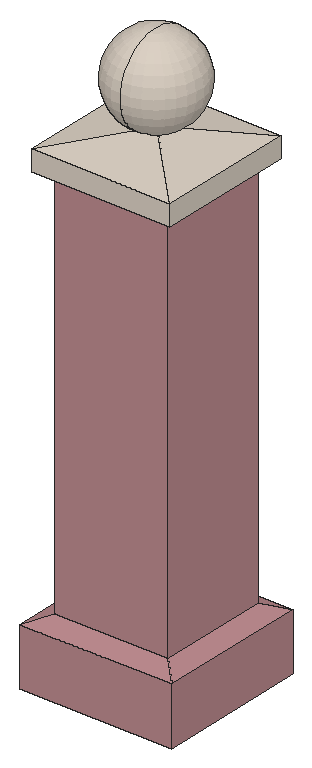
Revit family
Parameters
  Width = 440 mm
  Vis - Plinth = yes
  Vis - Ball = yes
  Radius Ball = 175 mm
  Plinth Width = 75 mm
  Plinth Height = 225 mm
  Plinth Chamfer Angle = 22.50°
  Pier Height = 1800 mm
  Materials Coping = Stone - Bath Stone
  Material Pier = Masonry - Brick
  Keynote = "F10"
  Depth = 440 mm
  Coping Width = Width + 100 mm  # 540 mm
  Coping Thickness = 80 mm
  Coping Depth = Depth + 100 mm  # 540 mm
  Coping Chamfer Height = 50 mm
  Ball Diameter = Radius Ball * 2  # 350 mm
Reference planes
  plane 1 "Center (Front/Back)": y = -38.675
  plane 2: z = 0
  plane 3 "Center (Left/Right)": x = -7.053
  plane 4: x = -227.053
  plane 5: x = 212.947
  plane 6: y = 181.325
  plane 7: y = -258.675
  plane 8: z = 1800
  plane 9: z = 225
  plane 10: z = 1880
  plane 11: z = 1930
Forms (mm)
  Extrusion 1, solid, material "Masonry - Brick" <- "Material Pier"
    sketch origin (0, 0, 0) x (1, 0, 0) y (0, 1, 0)
      loop
        line (-227.053, -258.675) -> (212.947, -258.675) -> (212.947, 181.325) -> (-227.053, 181.325) -> (-227.053, -258.675)
    from 0 to 1800
  Sweep 2, solid, material "Masonry - Brick" <- "Material Pier", visible <- "Vis - Plinth"
    path origin (0, 0, 0) x (1, 0, 0) y (0, 1, 0)
      loop
        line (-227.053, -258.675) -> (212.947, -258.675) -> (212.947, 181.325) -> (-227.053, 181.325) -> (-227.053, -258.675)
    profile origin (-7.053, -258.675, 0) x (0, 1, 0) y (0, 0, 1)
      loop
        line (0, 0) -> (0, 256.066) -> (-75, 225) -> (-75, 0) -> (0, 0)
  Extrusion 3, solid, material "Stone - Bath Stone" <- "Materials Coping"
    sketch origin (-601.314, 0, 1800) x (-1, 0, 0) y (0, -1, 0)
      loop
        line (-324.261, 308.675) -> (-864.261, 308.675) -> (-864.261, -231.325) -> (-324.261, -231.325) -> (-324.261, 308.675)
    from 0 to 80
  Blend 4, solid, material "Stone - Bath Stone" <- "Materials Coping"
    base sketch origin (-601.314, 0, 1880) x (-1, 0, 0) y (0, -1, 0)
      loop
        line (-324.261, -231.325) -> (-324.261, 308.675) -> (-864.261, 308.675) -> (-864.261, -231.325) -> (-324.261, -231.325)
    top sketch origin (-601.314, 0, 1880) x (-1, 0, 0) y (0, -1, 0)
      loop
        line (-619.261, 63.675) -> (-619.261, 13.675) -> (-569.261, 13.675) -> (-569.261, 63.675) -> (-619.261, 63.675)
    from 0 to 50
  Revolve 5, solid, material "Stone - Bath Stone" <- "Materials Coping", visible <- "Vis - Ball"
    sketch origin (-7.053, 0, 0) x (0, 1, 0) y (0, 0, 1)
      loop
        arc (-38.675, 2280) -> (-213.675, 2105) -> (-38.675, 1930) r 175
        line (-38.675, 1930) -> (-38.675, 2280)
      axis (-38.675, 1930) -> (-38.675, 2280)
    angle from 0 to 360
Cuts and joins
  joined: Extrusion 3, Blend 4
Dimensions and locks
  equal spacing: plane 6, plane 1 "Center (Front/Back)", plane 7
  "Depth": plane 6 to plane 7
  equal spacing: plane 4, plane 3 "Center (Left/Right)", plane 5
  "Width": plane 4 to plane 5
  "Pier Height": plane 8 to plane 2
  "Plinth Height": plane 9 to level
  "Plinth Width": Sweep 2 sketch curve to plane 7
  "Coping Thickness": plane 10 to plane 8
  equal spacing: Extrusion 3 sketch curve, plane 3 "Center (Left/Right)", Extrusion 3 sketch curve
  equal spacing: Extrusion 3 sketch curve, plane 1 "Center (Front/Back)", Extrusion 3 sketch curve
  "Coping Depth": Extrusion 3 sketch curve to Extrusion 3 sketch curve
  "Coping Width": Extrusion 3 sketch curve to Extrusion 3 sketch curve
  "Coping Chamfer Height": plane 11 to plane 10
  "Radius Ball": Revolve 5 sketch curve to plane 11
  equal spacing: Blend 4 sketch curve, plane 3 "Center (Left/Right)", Blend 4 sketch curve
  equal spacing: Blend 4 sketch curve, plane 1 "Center (Front/Back)", Blend 4 sketch curve
  locked: Blend 4 sketch curve to Blend 4 sketch curve at 50  (x2)
  "Radius Ball": radius of Revolve 5 sketch curve
  "Plinth Chamfer Angle": angle Extrusion 1 to Sweep 2 sketch curve
  aligned and locked: plane 8 to Extrusion 1
  aligned and locked: plane 9 to Sweep 2 sketch curve
  aligned and locked: plane 10 to Extrusion 3
  aligned and locked: Blend 4 sketch curve to Extrusion 3  (x4)
  aligned and locked: plane 11 to Blend 4
  aligned and locked: Blend 4 to plane 10
Automatic sketch dimensions
  Extrusion 1 sketch curve to plane 4 = 0 mm
  Extrusion 1 sketch curve to plane 5 = 0 mm
  Extrusion 1 sketch curve to plane 7 = 0 mm
  Extrusion 1 sketch curve to plane 6 = 0 mm
  Sweep 2 sketch curve to plane 4 = 0 mm
  Sweep 2 sketch curve to plane 5 = 0 mm
  Sweep 2 sketch curve to plane 7 = 0 mm
  Sweep 2 sketch curve to plane 6 = 0 mm
  Sweep 2 sketch curve to profile plane = 0 mm
  Sweep 2 sketch curve to level = 0 mm
  Revolve 5 sketch curve to plane 1 "Center (Front/Back)" = 0 mm  (x2)
  Revolve 5 sketch curve to plane 8 = 600 mm
  Revolve 5 sketch curve to Revolve 5 sketch curve = 62.707 mm
